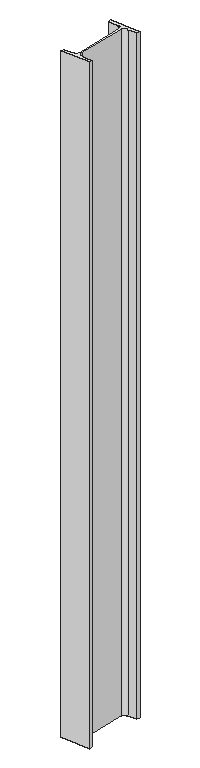
Revit family
Parameters (values of type "RSJ254x114x37")
  Column Material [instance] = Metal - Steel - 345 MPa
  Assembly Code = ""
  A = 0.005 m²
  W = 0.36481
  bf = 114.3 mm
  d = 254 mm
  k = 29.2 mm
  kr = k - tf  # 16.4 mm
  tf = 12.8 mm
  tw = 7.6 mm
Reference planes
  plane 1: y = 0
  plane 2: z = 0
  plane 3: x = 0
  plane 4: x = -57.15
  plane 5: x = 57.15
  plane 6: y = 127
  plane 7: y = -127
  plane 8: x = -3.969
  plane 9: x = 3.969
Forms (mm)
  Extrusion 1, solid, material "Metal - Steel - 345 MPa" <- "Column Material", detail levels medium
    sketch origin (0, 0, 0) x (1, 0, 0) y (0, 1, 0)
      loop
        line (-57.15, 127) -> (-57.15, 114.2) -> (-3.8, 114.2) -> (-3.8, -114.2) -> (-57.15, -114.2) -> (-57.15, -127) -> (57.15, -127) -> (57.15, -114.2) -> (3.8, -114.2) -> (3.8, 114.2) -> (57.15, 114.2) -> (57.15, 127) -> (-57.15, 127)
    from 0 to 2500
  Extrusion 2, solid, material "Metal - Steel - 345 MPa" <- "Column Material", detail levels fine
    sketch origin (0, 0, 0) x (1, 0, 0) y (0, 1, 0)
      loop
        line (-57.15, 127) -> (-57.15, 114.2) -> (-20.2, 114.2)
        arc (-20.2, 114.2) -> (-8.603, 109.397) -> (-3.8, 97.8) r 16.4
        line (-3.8, 97.8) -> (-3.8, -97.8)
        arc (-3.8, -97.8) -> (-8.603, -109.397) -> (-20.2, -114.2) r 16.4
        line (-20.2, -114.2) -> (-57.15, -114.2) -> (-57.15, -127) -> (57.15, -127) -> (57.15, -114.2) -> (20.2, -114.2)
        arc (20.2, -114.2) -> (8.603, -109.397) -> (3.8, -97.8) r 16.4
        line (3.8, -97.8) -> (3.8, 97.8)
        arc (3.8, 97.8) -> (8.603, 109.397) -> (20.2, 114.2) r 16.4
        line (20.2, 114.2) -> (57.15, 114.2) -> (57.15, 127) -> (-57.15, 127)
    from 0 to 2500
Lines and regions (mm)
  symbolic lines, style "StructuralColumnStickSymbols", detail levels coarse
    curve 1: line (-57.15, 127, 0) -> (57.15, 127, 0)
    curve 2: line (-57.15, -127, 0) -> (57.15, -127, 0)
    curve 3: line (0, 127, 0) -> (0, -127, 0)
  symbolic lines, style "Hidden Faces", detail levels medium+fine
    curve 4: line (-3.969, 0, 0) -> (-3.969, 0, 2500)
    curve 5: line (3.969, 0, 2500) -> (3.969, 0, 0)
Dimensions and locks
  equal spacing: plane 4, plane 3, plane 5
  equal spacing: plane 7, plane 1, plane 6
  "d": plane 7 to plane 6
  "bf": plane 4 to plane 5
  "tf": plane 7 to Extrusion 1 sketch curve
  "tf": Extrusion 1 sketch curve to plane 6
  equal spacing: Extrusion 1 sketch curve, plane 3, Extrusion 1 sketch curve
  "tw": Extrusion 1 sketch curve to Extrusion 1 sketch curve
  "kr": radius of Extrusion 2 sketch curve  (x4)
  aligned and locked: plane 6 to Extrusion 1 sketch curve
  aligned and locked: Extrusion 1 sketch curve to plane 7
  aligned and locked: Extrusion 1 sketch curve to plane 4  (x2)
  aligned and locked: plane 5 to Extrusion 1 sketch curve  (x2)
  aligned and locked: Extrusion 1 sketch curve to Extrusion 1 sketch curve  (x2)
  aligned and locked: level to Extrusion 1
  aligned and locked: level to plane 2
  aligned and locked: Extrusion 1 to plane 2
  aligned and locked: plane 6 to Extrusion 2 sketch curve
  aligned and locked: plane 5 to Extrusion 2 sketch curve  (x2)
  aligned and locked: Extrusion 2 sketch curve to plane 4  (x2)
  aligned and locked: Extrusion 2 sketch curve to Extrusion 1  (x6)
  aligned and locked: Extrusion 2 sketch curve to plane 7
  aligned and locked: level to Extrusion 2
  aligned and locked: Extrusion 2 to level
Automatic sketch dimensions
  curve 2 to plane 4 = 0 mm
  curve 1 to plane 4 = 0 mm
  curve 3 to plane 3 = 0 mm
  curve 2 to plane 5 = 0 mm
  curve 1 to plane 5 = 0 mm
  curve 3 to plane 7 = 0 mm
  curve 3 to plane 6 = 0 mm
  curve 4 to level = 0 mm  (x2)
  curve 4 to plane 8 = 0 mm
  curve 5 to level = 0 mm  (x2)
  curve 5 to plane 9 = 0 mm
